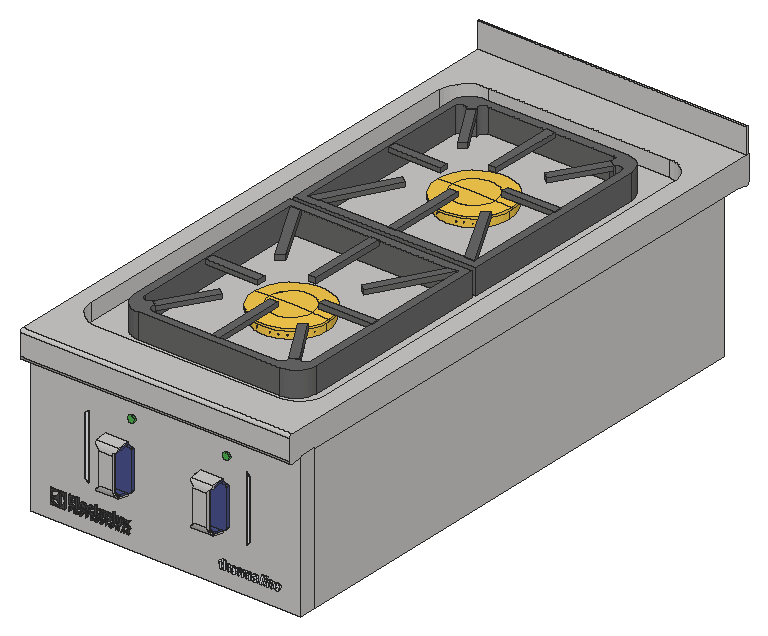
Revit family "QF_ELECTROLUXPROFESSIONAL_588523_MBGCBBDOPO", category Attrezzature speciali, Revit 2020
Family settings
  Quota connettore circolare = Usa diametro
  Tipo di parte = Normale
  Basato su piano di lavoro = No
  Sempre verticale = Sì
  Taglio con vuoti quando caricato = No
  Condiviso = No
  Punto di calcolo locali = No
Parameters (values of type "Standard")
  Weight = 38.00 kg
  Watts = 0 W
  Volts = 0 V
  URL Manufacturer = "https://www.electroluxprofessional.com/"
  URL = "https://www.electroluxprofessional.com/"
  Steam Supply Size = 0"
  Steam Supply Minimum Pressure = 0.00 psi
  Steam Supply Maximum Pressure = 0.00 psi
  Steam Consumption per Hour = 0
  Refrigeration Suction Line Size = 0 mm
  Refrigeration Liquid Line Size = 0 mm
  Refrigerant Compressor Remote = yes
  Prospetto di default = 0 mm
  Phase = 0
  Modello = "MBGCBBDOPO"
  Produttore = "Electrolux Professional"
  Length Actual = 400 mm  # constant formula
  Item Number = "588523"
  Hot Water Size = 0"
  Height Actual = 250 mm  # constant formula
  HP = "0 HP"
  Gas Size = 1/2"
  Gas KW = 14
  Gas Input Pressure = 0.469158 Btu/h
  Direct Waste Size = 0"
  Descrizione = "GAS TOP,2BURN,1S,BS,400X850X250H"
  Depth Actual = 850 mm  # constant formula
  Cycle = 0 Hz
  Condensate Return Size = 0"
  Compressed Air Volume = 0 GPM
  Compressed Air Size = 0"
  Compressed Air Pressure = 0.00 psi
  Cold Water Size = 0"
  Accessory = yes
Reference planes
  plane 1 "BACK": y = 0
  plane 2: z = 0
  plane 3 "LEFT": x = 0
  plane 4 "RIGHT": x = 400
  plane 5 "FRONT": y = -850
  plane 6 "TOP": z = 900
  plane 7 "Center (Left/Right)": x = 200
  plane 8: y = -425
  plane 9: y = -150
  plane 10: y = -65
  plane 11: y = -790
  plane 12 "GasY": y = -540
  plane 13: z = 938
  plane 14 "BaseTop": z = 650
  plane 15: y = -805
  plane 16 "Camino": y = -50
  plane 17: x = 364
  plane 18: z = 1131
Forms (mm)
  Extrusion 1, solid, material "QF_Finishes_Stainless Steel"
    sketch origin (-178.969, -4572, 100) x (-1, 0, 0) y (0, -1, 0)
      loop
        line (-178.969, -4527) -> (-178.969, -3767) -> (-578.969, -3767) -> (-578.969, -4527) -> (-178.969, -4527)
    from 550 to 762.969
  Extrusion 2, solid, material "QF_Finishes_Stainless Steel"
    sketch origin (200, 296.4, 1219.2) x (0, 1, 0) y (0, 0, 1)
      loop
        line (-296.4, -319.2) -> (-1141.4, -319.2)
        arc (-1141.4, -319.2) -> (-1144.935, -320.664) -> (-1146.4, -324.2) r 5
        line (-1146.4, -324.2) -> (-1146.4, -355.2)
        arc (-1146.4, -355.2) -> (-1144.971, -358.264) -> (-1141.705, -359.139) r 4
        line (-1141.705, -359.139) -> (-1126.4, -356.231) -> (-316.4, -356.231) -> (-301.094, -359.139)
        arc (-301.094, -359.139) -> (-297.829, -358.264) -> (-296.4, -355.2) r 4
        line (-296.4, -355.2) -> (-296.4, -319.2)
    from -200 to 200
  Extrusion 3, void
    sketch origin (0, 0, 900) x (-1, 0, 0) y (0, -1, 0)
      loop
        arc (-65.29, 65) -> (-37.006, 76.716) -> (-25.29, 105) r 40
        line (-25.29, 105) -> (-25.29, 750)
        arc (-25.29, 750) -> (-37.006, 778.284) -> (-65.29, 790) r 40
        line (-65.29, 790) -> (-334.029, 790)
        arc (-334.029, 790) -> (-362.314, 778.284) -> (-374.029, 750) r 40
        line (-374.029, 750) -> (-374.029, 105)
        arc (-374.029, 105) -> (-362.314, 76.716) -> (-334.029, 65) r 40
        line (-334.029, 65) -> (-65.29, 65)
    from 0 to -25
  Extrusion 4, solid, material "QF_Finishes_Stainless Steel"
    sketch origin (200, 296.4, 1219.2) x (0, 1, 0) y (0, 0, 1)
      loop
        line (-296.4, -319.2) -> (-296.4, -281.2) -> (-298.4, -281.2) -> (-298.4, -319.2) -> (-296.4, -319.2)
    from 200 to -200
  Extrusion 5, solid, material "QF_Finishes_Stainless Steel"
    sketch origin (0, 0, 650) x (-1, 0, 0) y (0, -1, 0)
      loop
        circle (-364, 540) r 10.1
    from 0 to -10
Cuts and joins
  Extrusion 3 cuts Extrusion 2
Lines and regions (mm)
  symbolic lines
    curve 1: line (0, 0, 100) -> (400, 0, 100)
    curve 2: line (0, -850, 100) -> (0, 0, 100)
    curve 3: line (400, -850, 100) -> (0, -850, 100)
    curve 4: line (400, 0, 100) -> (400, -850, 100)
    curve 5: line (0, -2, 0) -> (400, -2, 0)
    curve 6: line (334.029, -65, 0) -> (65.29, -65, 0)
    curve 7: arc (65.29, -65, 0) -> (37.006, -76.716, 0) -> (25.29, -105, 0) r 40
    curve 8: arc (374.029, -105, 0) -> (362.314, -76.716, 0) -> (334.029, -65, 0) r 40
    curve 9: line (374.029, -750, 0) -> (374.029, -105, 0)
    curve 10: arc (334.029, -790, 0) -> (362.314, -778.284, 0) -> (374.029, -750, 0) r 40
    curve 11: line (65.29, -790, 0) -> (334.029, -790, 0)
    curve 12: arc (25.29, -750, 0) -> (37.006, -778.284, 0) -> (65.29, -790, 0) r 40
    curve 13: line (25.29, -105, 0) -> (25.29, -750, 0)
Dimensions and locks
  plane 3 "LEFT" to plane 4 "RIGHT" = 400 mm
  locked: plane 5 "FRONT" to plane 1 "BACK" at 850
  plane 3 "LEFT" to plane 7 "Center (Left/Right)" to plane 4 "RIGHT" = 200 mm, 200 mm
  equal spacing: plane 5 "FRONT", plane 8, plane 1 "BACK"
  plane 6 "TOP" to level = 900 mm  (x2)
  plane 1 "BACK" to plane 9 = 150 mm
  plane 12 "GasY" to plane 1 "BACK" = 540 mm
  plane 13 to plane 6 "TOP" = 38 mm
  plane 10 to plane 1 "BACK" = 65 mm
  plane 5 "FRONT" to plane 11 = 60 mm
  locked: plane 6 "TOP" to plane 14 "BaseTop" at 250
  locked: plane 15 to plane 5 "FRONT" at 45
  plane 16 "Camino" to plane 1 "BACK" = 50 mm
  plane 17 to plane 4 "RIGHT" = 36 mm
  plane 18 to plane 6 "TOP" = 231 mm
  aligned and locked: level to plane 2
  aligned and locked: cut or joined group of Extrusion 2, Extrusion 3 to plane 3 "LEFT"
  aligned and locked: cut or joined group of Extrusion 2, Extrusion 3 to plane 4 "RIGHT"
  aligned and locked: nested 1 to plane 15
  aligned and locked: Extrusion 1 to plane 15
  aligned and locked: Extrusion 4 to plane 3 "LEFT"
  aligned and locked: Extrusion 4 to plane 4 "RIGHT"
  aligned and locked: plane 3 "LEFT" to nested 1
Automatic sketch dimensions
  curve 5 to plane 3 "LEFT" = 0 mm
  curve 5 to plane 4 "RIGHT" = 0 mm
  plane 1 "BACK" to curve 5 = 2 mm
  Extrusion 1 sketch curve to plane 4 "RIGHT" = 0 mm
  Extrusion 1 sketch curve to plane 3 "LEFT" = 0 mm
  Extrusion 1 sketch curve to plane 15 = 0 mm
  Extrusion 1 sketch curve to plane 16 "Camino" = 5 mm
  plane 1 "BACK" to curve 1 = 0 mm
  curve 1 to plane 4 "RIGHT" = 0 mm
  curve 3 to plane 3 "LEFT" = 0 mm
  plane 5 "FRONT" to curve 3 = 0 mm
  Extrusion 2 sketch curve to plane 5 "FRONT" = 0 mm
  Extrusion 2 sketch curve to plane 6 "TOP" = 0 mm
  Extrusion 2 sketch curve to plane 1 "BACK" = 0 mm
  Extrusion 2 sketch curve to Extrusion 2 sketch curve = 4 mm
  Extrusion 2 sketch curve to Extrusion 2 sketch curve = 0.695 mm
  Extrusion 2 sketch curve to plane 5 "FRONT" = 5 mm
  Extrusion 2 sketch curve to Extrusion 2 sketch curve = 15.305 mm
  plane 1 "BACK" to Extrusion 2 sketch curve = 20 mm
  plane 1 "BACK" to Extrusion 2 sketch curve = 4.695 mm
  plane 1 "BACK" to Extrusion 2 sketch curve = 4 mm
  Extrusion 2 sketch curve to Extrusion 2 sketch curve = 31 mm
  Extrusion 2 sketch curve to Extrusion 2 sketch curve = 36 mm
  Extrusion 2 sketch curve to Extrusion 2 sketch curve = 2.909 mm
  Extrusion 4 sketch curve to plane 6 "TOP" = 0 mm
  Extrusion 4 sketch curve to plane 13 = 0 mm
  Extrusion 4 sketch curve to plane 1 "BACK" = 0 mm
  Extrusion 4 sketch curve to Extrusion 4 sketch curve = 2 mm
  Extrusion 5 sketch curve to plane 12 "GasY" = 0 mm
  Extrusion 5 sketch curve to plane 17 = 0 mm
  plane 10 to curve 6 = 0 mm
  plane 7 "Center (Left/Right)" to curve 6 = 134.029 mm
  curve 7 to curve 6 = 40 mm
  curve 8 to curve 6 = 40 mm
  curve 9 to plane 11 = 40 mm
  plane 11 to curve 10 = 0 mm
  plane 3 "LEFT" to curve 13 = 25.29 mm
  curve 12 to plane 11 = 40 mm
  plane 11 to Extrusion 3 sketch curve = 0 mm
  plane 10 to Extrusion 3 sketch curve = 0 mm
  plane 17 to Extrusion 3 sketch curve = 10.029 mm
  Extrusion 3 sketch curve to plane 17 = 29.971 mm  (x2)
  plane 3 "LEFT" to Extrusion 3 sketch curve = 65.29 mm  (x2)
  plane 10 to Extrusion 3 sketch curve = 40 mm
  radius of Extrusion 5 sketch curve = 10.1 mm
Nested families
  nested 1: "Front_Panel_W400_2 Knobs_Spie" at (52.376, -805, 0), type "Front_Panel_W400_2 Knobs_Spie"
  nested 2: "Therma_One_Burner_Long" at (198.607, -260.258, 875), type "Therma_One_Burner_Long"
  nested 3: "Therma_One_Burner_Long" at (198.607, -593.742, 875), type "Therma_One_Burner_Long"
Connectors
  piping at (364, -540, 650), diameter 12.7, driven by "Gas Size"
    settings: on Extrusion 5, index 1, connector inside diameter 24", connector length 0 mm, flow factor 0, pipe flow 0 GPM, pressure drop 0.00 psi, fitting loss kfactor 0, connector angle 0.00°, fixture units 0, engagement length 0 mm, angle of deflection 0.00°, flow configuration 1, flow direction 1, fitting loss method 0, system type 7, joint type 0, gender type 0, connector reference index -1, connector utility 0, adjustable connector no, is connector primary yes, connector description "Gas Connection"
Definition of nested family "Front_Panel_W400_2 Knobs_Spie"
  Parameters
    Default Elevation = 0 mm
  Reference planes
    plane 1 "Center (Front/Back)": y = 0
    plane 2: z = 0
    plane 3 "Center (Left/Right)": x = 147.624
    plane 4 "Left": x = -52.376
    plane 5 "Right": x = 347.624
    plane 6: y = -45
    plane 7 "Panel": y = -25
  Forms (mm)
    Extrusion 1, solid
      sketch origin (833.217, 829.203, -1.25) x (0, 1, 0) y (0, 0, 1)
        loop
          line (-854.203, 651.25) -> (-829.203, 651.25) -> (-829.203, 864.25) -> (-854.203, 864.25) -> (-854.203, 651.25)
      from -885.593 to -485.593
    Extrusion 2, void
      sketch origin (0, -25, -10) x (0, 0, 1) y (-1, 0, 0)
        loop
          line (731.866, -27.624) -> (726.866, -32.624) -> (823.866, -32.624) -> (818.866, -27.624) -> (731.866, -27.624)
        loop
          line (731.866, -272.624) -> (818.866, -272.624) -> (823.866, -267.624) -> (726.866, -267.624) -> (731.866, -272.624)
      from 0 to -2
    Extrusion 3, solid
      sketch origin (110, -25, 1.163) x (0, 0, 1) y (-1, 0, 0)
        loop
          circle (824.337, 12.376) r 5
      from 0 to 1.7
    Extrusion 4, solid
      sketch origin (0, -25, -10) x (0, 0, 1) y (-1, 0, 0)
        loop
          line (731.866, -27.624) -> (726.866, -32.624) -> (823.866, -32.624) -> (818.866, -27.624) -> (731.866, -27.624)
        loop
          line (726.866, -267.624) -> (731.866, -272.624) -> (818.866, -272.624) -> (823.866, -267.624) -> (726.866, -267.624)
      from 0 to -2
    Extrusion 5, solid
      sketch origin (250.724, -25, 1.163) x (0, 0, 1) y (-1, 0, 0)
        loop
          circle (824.337, 12.376) r 5
      from 0 to 1.7
  Cuts and joins
    Extrusion 2 cuts Extrusion 1
  Dimensions and locks
    equal spacing: plane 5 "Right", plane 3 "Center (Left/Right)", plane 4 "Left"
    plane 5 "Right" to plane 4 "Left" = 400 mm
    aligned and locked: cut or joined group of Extrusion 1, Extrusion 2 to plane 4 "Left"
    aligned and locked: plane 5 "Right" to cut or joined group of Extrusion 1, Extrusion 2
  Automatic sketch dimensions
    Extrusion 1 sketch curve to plane 7 "Panel" = 0 mm
    Extrusion 1 sketch curve to plane 1 "Center (Front/Back)" = 0 mm
    Extrusion 2 sketch curve to Extrusion 2 sketch curve = 5 mm  (x6)
    Extrusion 2 sketch curve to plane 5 "Right" = 75 mm
    plane 4 "Left" to Extrusion 2 sketch curve = 85 mm
    Extrusion 3 sketch curve to plane 3 "Center (Left/Right)" = 50 mm
    Extrusion 4 sketch curve to Extrusion 4 sketch curve = 5 mm  (x6)
    Extrusion 4 sketch curve to plane 5 "Right" = 75 mm
    plane 4 "Left" to Extrusion 4 sketch curve = 85 mm
    plane 3 "Center (Left/Right)" to Extrusion 5 sketch curve = 90.724 mm
    level to Extrusion 1 sketch curve = 650 mm
    Extrusion 1 sketch curve to Extrusion 1 sketch curve = 213 mm
    level to Extrusion 2 sketch curve = 716.866 mm
    Extrusion 2 sketch curve to Extrusion 2 sketch curve = 0 mm
    Extrusion 2 sketch curve to Extrusion 2 sketch curve = 87 mm  (x2)
    level to Extrusion 3 sketch curve = 825.5 mm
    level to Extrusion 4 sketch curve = 716.866 mm
    Extrusion 4 sketch curve to Extrusion 4 sketch curve = 0 mm
    Extrusion 4 sketch curve to Extrusion 4 sketch curve = 87 mm  (x2)
    level to Extrusion 5 sketch curve = 825.5 mm
    radius of Extrusion 3 sketch curve = 5 mm
    radius of Extrusion 5 sketch curve = 5 mm
  Nested families
    nested 1: "Range Control Handle" at (77.624, -28.137, -209.113) x (-1, 0, 0) z (0, 0, 1), type "Range Control Handle"
    nested 2: "Range Control Handle" at (217.624, -28.137, -209.113), type "Range Control Handle"
    nested 3: "ELX_ThermaLine_Small" at (269.008, -25, 679.413) x (1, 0, 0) z (0, -1, 0), type "ELX_ThermaLine_Small"
      with Show Logo yes, Material_Logo none
    nested 4: "ELX_Professional_Logo_Small" at (37.088, -25, 681.646) x (1, 0, 0) z (0, -1, 0), type "ELX_Professional_Logo_Small"
      with Show Logo yes, Material_Logo none
  Definition of nested family "Range Control Handle"
    Parameters
      Default Elevation = 0 mm
    Reference planes
      plane 1 "Center (Front/Back)": y = 0
      plane 2: z = 0
      plane 3 "Center (Left/Right)": x = 0
      plane 4: z = 971.092
      plane 5: y = -16.9
    Forms (mm)
      Extrusion 1, solid
        sketch origin (-746.28, 380.497, 208.931) x (-1, 0, 0) y (0, 0, 1)
          loop
            line (-770.101, 786.798) -> (-770.101, 731.649)
            arc (-770.101, 731.649) -> (-769.759, 730.563) -> (-768.855, 729.87) r 1.893
            line (-768.855, 729.87) -> (-763.474, 727.911) -> (-729.81, 727.911) -> (-724.428, 729.87)
            arc (-724.428, 729.87) -> (-723.525, 730.563) -> (-723.183, 731.649) r 1.893
            line (-723.183, 731.649) -> (-723.183, 786.798)
            arc (-723.183, 786.798) -> (-723.529, 787.894) -> (-724.44, 788.593) r 1.91
            line (-724.44, 788.593) -> (-729.683, 790.819) -> (-763.601, 790.819) -> (-768.844, 788.593)
            arc (-768.844, 788.593) -> (-769.755, 787.894) -> (-770.101, 786.798) r 1.91
        from -382.35 to -378.852
      Sweep 2, solid
        path origin (-746.788, 380.496, 208.091) x (0, -1, 0) y (0, 0, 1)
          loop
            line (379.775, 793.281) -> (395.661, 791.048)
            arc (395.661, 791.048) -> (397.781, 787.377) -> (398.517, 783.202) r 12.207
            line (398.517, 783.202) -> (398.517, 737.368)
            arc (398.517, 737.368) -> (397.781, 733.193) -> (395.661, 729.522) r 12.207
            line (395.661, 729.522) -> (379.775, 727.289)
        profile origin (-746.788, -7.222, 1000.256) x (0, -0.139173, 0.990268) y (-1, 0, 0)
          loop
            line (0.782, -763.123) -> (0.782, -730.907) -> (-1.322, -730.907) -> (-1.322, -763.123) -> (0.782, -763.123)
      Sweep 3, solid
        path origin (-746.788, 380.715, 207.832) x (0, -1, 0) y (0, 0, 1)
          loop
            line (380.478, 795.442) -> (397.218, 793.09)
            arc (397.218, 793.09) -> (399.929, 788.473) -> (400.871, 783.202) r 15.207
            line (400.871, 783.202) -> (400.871, 737.584)
            arc (400.871, 737.584) -> (399.914, 732.274) -> (397.164, 727.633) r 15.207
            line (397.164, 727.633) -> (380.601, 725.305)
        profile origin (-746.788, -8.132, 1002.099) x (0, -0.139173, 0.990268) y (-1, 0, 0)
          loop
            line (0.782, -763.123) -> (0.782, -730.907) -> (-1.322, -730.907) -> (-1.322, -763.123) -> (0.782, -763.123)
      Extrusion 4, void
        sketch origin (889.253, 220.666, 207.993) x (1, 0, 0) y (0, 0, 1)
          loop
            line (-943.038, 816.854) -> (-943.038, 703.686) -> (-899.466, 734.196) -> (-899.466, 786.344) -> (-943.038, 816.854)
        from 230.636 to 242.25
      Extrusion 5, void
        sketch origin (-888.8, 220.666, 207.993) x (-1, 0, 0) y (0, 0, -1)
          loop
            line (-943.038, -816.854) -> (-899.466, -786.344) -> (-899.466, -734.196) -> (-943.038, -703.686) -> (-943.038, -816.854)
        from 230.636 to 242.25
      Extrusion 6, solid
        sketch origin (0, 0, 0) x (1, 0, 0) y (0, 0, 1)
          loop
            circle (0, 971.092) r 7.736
        from -3.137 to -1.645
    Cuts and joins
      Extrusion 4, Extrusion 5 cuts Sweep 3
      Extrusion 4, Extrusion 5 cuts Sweep 2
      joined: Extrusion 1, Extrusion 6
    Lines and regions (mm)
      symbolic lines
        curve 1: line (16.334, -16.9, 0) -> (16.334, -19.227, 0)
        curve 2: spline (16.334, -19.227, 0) -> (15.87, -19.385, 0) -> (15.404, -19.536, 0) -> (14.936, -19.678, 0) -> (14.466, -19.813, 0) -> (13.995, -19.94, 0) -> (13.523, -20.059, 0) -> (13.049, -20.171, 0) -> (12.575, -20.274, 0) -> (12.099, -20.37, 0) -> (11.622, -20.458, 0) -> (11.144, -20.537, 0) -> (10.666, -20.609, 0)
        curve 3: line (10.666, -16.9, 0) -> (10.666, -20.938, 0)
        curve 4: line (-10.213, -20.938, 0) -> (10.666, -20.938, 0)
        curve 5: line (-10.213, -20.938, 0) -> (-10.213, -16.9, 0)
        curve 6: spline (-10.213, -20.609, 0) -> (-10.691, -20.537, 0) -> (-11.169, -20.458, 0) -> (-11.646, -20.37, 0) -> (-12.122, -20.274, 0) -> (-12.597, -20.171, 0) -> (-13.07, -20.059, 0) -> (-13.542, -19.94, 0) -> (-14.013, -19.813, 0) -> (-14.483, -19.678, 0) -> (-14.951, -19.536, 0) -> (-15.417, -19.385, 0) -> (-15.881, -19.227, 0)
        curve 7: line (-15.881, -19.227, 0) -> (-15.881, -16.9, 0)
  Definition of nested family "ELX_ThermaLine_Small"
    Parameters
      Show Logo [instance] = yes
      Material_Logo [instance] = none
      Default Elevation = 0 mm
    Reference planes
      plane 1 "Centro (Fronte/Retro)": y = 0
      plane 2: z = 0
      plane 3 "Centro (Sinistra/Destra)": x = 0
    Forms (mm)
      Extrusion 1, solid
        sketch origin (0, 0, 0) x (1, 0, 0) y (0, 1, 0)
          loop
            line (-1219.2, 1219.2) -> (-1219.2, -1219.2) -> (1219.2, -1219.2) -> (1219.2, 1219.2) -> (-1219.2, 1219.2)
        from 0 to -304.8
      Extrusion 2, solid
        sketch origin (0, 0, 0) x (1, 0, 0) y (0, 1, 0)
          loop
            line (-37.494, 1.229) -> (-35.908, 1.229) -> (-35.908, 3.066) -> (-37.494, 3.066) -> (-37.494, 6.221) -> (-39.867, 4.881) -> (-39.867, 3.066) -> (-40.969, 3.066) -> (-40.969, 1.229) -> (-39.867, 1.229) -> (-39.867, -3.407)
            arc (-39.867, -3.407) -> (-38.982, -5.513) -> (-36.751, -6.001) r 2.478
            line (-36.751, -6.001) -> (-35.638, -5.7) -> (-35.9, -3.835) -> (-36.661, -4.039)
            arc (-36.661, -4.039) -> (-37.236, -3.924) -> (-37.494, -3.399) r 0.662
            line (-37.494, -3.399) -> (-37.494, 1.229)
          loop
            line (-34.242, 6.539) -> (-34.242, -5.848) -> (-31.854, -5.848) -> (-31.854, -0.078)
            arc (-31.854, -0.078) -> (-30.939, 1.249) -> (-29.33, 1.367) r 1.866
            arc (-29.33, 1.367) -> (-28.695, 0.768) -> (-28.461, -0.073) r 1.627
            line (-28.461, -0.073) -> (-28.461, -5.848) -> (-26.086, -5.848) -> (-26.064, -0.46)
            arc (-26.064, -0.46) -> (-26.261, 0.932) -> (-26.786, 2.237) r 5.825
            arc (-26.786, 2.237) -> (-29.381, 3.264) -> (-31.854, 1.971) r 3.353
            line (-31.854, 1.971) -> (-31.854, 6.539) -> (-34.242, 6.539)
          loop
            arc (-18.398, -0.598) -> (-18.893, 0.879) -> (-20.326, 1.487) r 1.897
            arc (-20.326, 1.487) -> (-21.461, 0.708) -> (-21.897, -0.598) r 2.164
            line (-21.897, -0.598) -> (-18.398, -0.598)
          loop
            arc (-16.021, -2.044) -> (-16.754, 1.227) -> (-19.444, 3.226) r 4.814
            arc (-19.444, 3.226) -> (-22.137, 2.788) -> (-23.943, 0.743) r 4.054
            arc (-23.943, 0.743) -> (-24.382, -1.249) -> (-24.162, -3.276) r 6.289
            arc (-24.162, -3.276) -> (-23.302, -4.71) -> (-21.958, -5.705) r 4.28
            arc (-21.958, -5.705) -> (-18.558, -5.814) -> (-16.152, -3.409) r 4.28
            line (-16.152, -3.409) -> (-18.5, -2.995)
            arc (-18.5, -2.995) -> (-19.273, -3.994) -> (-20.533, -4.076) r 1.536
            arc (-20.533, -4.076) -> (-21.56, -3.281) -> (-21.958, -2.044) r 2.197
            line (-21.958, -2.044) -> (-16.021, -2.044)
          loop
            line (-14.165, -5.848) -> (-11.819, -5.848) -> (-11.819, -2.138)
            arc (-11.819, -2.138) -> (-11.787, -1.156) -> (-11.637, -0.185) r 8.18
            arc (-11.637, -0.185) -> (-10.644, 0.972) -> (-9.132, 0.776) r 1.603
            line (-9.132, 0.776) -> (-8.419, 2.846)
            arc (-8.419, 2.846) -> (-10.432, 3.118) -> (-11.994, 1.821) r 2.527
            line (-11.994, 1.821) -> (-11.994, 3.094) -> (-14.165, 3.094) -> (-14.165, -5.848)
          loop
            line (-7.579, 3.094) -> (-7.579, -5.848) -> (-5.178, -5.848) -> (-5.178, -0.756)
            arc (-5.178, -0.756) -> (-4.727, 0.679) -> (-3.417, 1.419) r 2.05
            arc (-3.417, 1.419) -> (-2.499, 0.908) -> (-2.155, -0.085) r 1.471
            line (-2.155, -0.085) -> (-2.155, -5.848) -> (0.23, -5.848) -> (0.23, -1.001)
            arc (0.23, -1.001) -> (0.47, 0.127) -> (1.148, 1.061) r 2.775
            arc (1.148, 1.061) -> (2.225, 1.329) -> (3.05, 0.587) r 1.182
            arc (3.05, 0.587) -> (3.199, -0.019) -> (3.214, -0.642) r 2.894
            line (3.214, -0.642) -> (3.214, -5.848) -> (5.601, -5.848) -> (5.601, 0.261)
            arc (5.601, 0.261) -> (4.87, 2.263) -> (2.976, 3.241) r 2.932
            arc (2.976, 3.241) -> (1.284, 2.973) -> (-0.047, 1.896) r 3.309
            arc (-0.047, 1.896) -> (-1.116, 2.865) -> (-2.506, 3.258) r 3.16
            arc (-2.506, 3.258) -> (-4.105, 2.942) -> (-5.376, 1.92) r 3.419
            line (-5.376, 1.92) -> (-5.376, 3.094) -> (-7.579, 3.094)
          loop
            line (7.583, 0.738) -> (9.702, 0.364)
            arc (9.702, 0.364) -> (11.441, 1.492) -> (12.855, -0.023) r 1.613
            line (12.855, -0.023) -> (9.782, -0.789)
            arc (9.782, -0.789) -> (8.559, -1.346) -> (7.617, -2.305) r 3.687
            arc (7.617, -2.305) -> (7.499, -3.681) -> (7.901, -5.003) r 3.651
            arc (7.901, -5.003) -> (9.107, -5.766) -> (10.515, -6.006) r 3.635
            arc (10.515, -6.006) -> (11.898, -5.697) -> (13.067, -4.895) r 3.734
            line (13.067, -4.895) -> (13.376, -5.848) -> (15.75, -5.848) -> (15.212, -4.193) -> (15.212, 0.38)
            arc (15.212, 0.38) -> (14.897, 1.849) -> (13.818, 2.895) r 2.585
            arc (13.818, 2.895) -> (11.792, 3.442) -> (9.719, 3.11) r 5.005
            arc (9.719, 3.11) -> (8.369, 2.178) -> (7.583, 0.738) r 3.54
          loop
            line (19.723, -5.848) -> (22.233, -5.848) -> (24.854, 6.484) -> (22.345, 6.484) -> (19.723, -5.848)
          loop
            line (24.583, -5.848) -> (26.953, -5.848) -> (28.848, 3.066) -> (26.478, 3.066) -> (24.583, -5.848)
          loop
            line (27.204, 6.484) -> (26.741, 4.305) -> (29.111, 4.305) -> (29.575, 6.484) -> (27.204, 6.484)
          loop
            line (29.355, -5.848) -> (31.849, -5.848) -> (33.098, 0.028)
            arc (33.098, 0.028) -> (34.169, 1.306) -> (35.832, 1.422) r 2.132
            arc (35.832, 1.422) -> (36.324, 0.752) -> (36.383, -0.078) r 1.5
            line (36.383, -0.078) -> (35.157, -5.848) -> (37.536, -5.848) -> (38.936, 0.738)
            arc (38.936, 0.738) -> (38.775, 2.091) -> (37.825, 3.066) r 2.118
            arc (37.825, 3.066) -> (35.392, 3.175) -> (33.295, 1.937) r 4.271
            line (33.295, 1.937) -> (33.535, 3.066) -> (31.25, 3.066) -> (29.355, -5.848)
          loop
            line (42.792, -0.64) -> (46.589, -0.64)
            arc (46.589, -0.64) -> (46.639, 0.124) -> (46.327, 0.823) r 1.589
            arc (46.327, 0.823) -> (45.117, 1.521) -> (43.762, 1.183) r 1.865
            arc (43.762, 1.183) -> (43.141, 0.344) -> (42.792, -0.64) r 3.538
          loop
            line (42.565, -2.138) -> (48.593, -2.138)
            arc (48.593, -2.138) -> (48.58, 0.597) -> (46.983, 2.818) r 4.494
            arc (46.983, 2.818) -> (44.191, 3.28) -> (41.725, 1.891) r 4.26
            arc (41.725, 1.891) -> (40.503, -0.3) -> (40.284, -2.799) r 6.003
            arc (40.284, -2.799) -> (40.959, -4.468) -> (42.377, -5.576) r 3.482
            arc (42.377, -5.576) -> (44.265, -5.961) -> (46.152, -5.576) r 4.823
            arc (46.152, -5.576) -> (47.432, -4.731) -> (48.328, -3.485) r 4.245
            line (48.328, -3.485) -> (46.168, -3.105)
            arc (46.168, -3.105) -> (45.214, -4.072) -> (43.859, -4.181) r 1.953
            arc (43.859, -4.181) -> (42.821, -3.408) -> (42.565, -2.138) r 1.81
          loop
            line (12.868, -1.553) -> (10.216, -2.214)
            arc (10.216, -2.214) -> (9.747, -3.136) -> (10.216, -4.058) r 1.14
            arc (10.216, -4.058) -> (11.537, -4.249) -> (12.614, -3.46) r 1.763
            arc (12.614, -3.46) -> (12.858, -2.522) -> (12.868, -1.553) r 3.97
        from 0 to 1.6
    Dimensions and locks
      aligned and locked: plane 2 to Extrusion 1
      aligned and locked: level to Extrusion 1
  Definition of nested family "ELX_Professional_Logo_Small"
    Parameters
      Show Logo [instance] = yes
      Material_Logo [instance] = none
      Default Elevation = 0 mm
    Reference planes
      plane 1 "Centro (Fronte/Retro)": y = 0
      plane 2: z = 0
      plane 3 "Centro (Sinistra/Destra)": x = 0
    Forms (mm)
      Extrusion 1, solid
        sketch origin (0, 0, 0) x (1, 0, 0) y (0, 1, 0)
          loop
            line (-1219.2, 1219.2) -> (-1219.2, -1219.2) -> (1219.2, -1219.2) -> (1219.2, 1219.2) -> (-1219.2, 1219.2)
        from 0 to -304.8
      Extrusion 2, solid, material <- "Material_Logo"
        sketch origin (15.5, 0, 0) x (1, 0, 0) y (0, 1, 0)
          loop
            spline (-42.99, -1.24) -> (-43.195, -1.231) -> (-43.415, -1.203) -> (-43.642, -1.152) -> (-43.87, -1.074) -> (-44.095, -0.966) -> (-44.309, -0.825) -> (-44.506, -0.647) -> (-44.681, -0.429) -> (-44.828, -0.167) -> (-44.94, 0.142) -> (-45.011, 0.501) -> (-45.037, 0.915)
            line (-45.037, 0.915) -> (-45.037, 2.748) -> (-38.984, 2.748) -> (-38.984, 5.086) -> (-45.038, 5.086) -> (-45.038, 8.489) -> (-38.599, 8.489) -> (-38.599, 10.82) -> (-47.515, 10.82) -> (-47.515, 1.021)
            spline (-47.515, 1.021) -> (-47.493, 0.418) -> (-47.425, -0.15) -> (-47.311, -0.682) -> (-47.15, -1.175) -> (-46.939, -1.628) -> (-46.678, -2.038) -> (-46.365, -2.404) -> (-46, -2.723) -> (-45.58, -2.995) -> (-45.105, -3.216) -> (-44.573, -3.385) -> (-43.983, -3.499)
            line (-43.983, -3.499) -> (-43.01, -3.569) -> (-38.426, -3.569) -> (-38.426, -1.24) -> (-42.99, -1.24)
          loop
            line (-36.666, 4.021) -> (-36.666, -3.573) -> (-34.188, -3.573) -> (-34.188, 10.824) -> (-36.666, 10.824) -> (-36.666, 4.021)
          loop
            spline (-21.915, 1.897) -> (-21.957, 2.615) -> (-22.082, 3.303) -> (-22.285, 3.955) -> (-22.563, 4.564) -> (-22.913, 5.124) -> (-23.331, 5.629) -> (-23.814, 6.074) -> (-24.359, 6.451) -> (-24.961, 6.755) -> (-25.618, 6.98) -> (-26.326, 7.119) -> (-27.081, 7.167)
            spline (-27.081, 7.167) -> (-27.853, 7.122) -> (-28.586, 6.99) -> (-29.275, 6.774) -> (-29.915, 6.478) -> (-30.5, 6.104) -> (-31.024, 5.657) -> (-31.483, 5.138) -> (-31.871, 4.553) -> (-32.182, 3.904) -> (-32.411, 3.194) -> (-32.552, 2.427) -> (-32.6, 1.606)
            spline (-32.6, 1.606) -> (-32.553, 0.805) -> (-32.416, 0.057) -> (-32.193, -0.637) -> (-31.887, -1.271) -> (-31.504, -1.843) -> (-31.048, -2.35) -> (-30.523, -2.788) -> (-29.934, -3.154) -> (-29.284, -3.444) -> (-28.579, -3.656) -> (-27.822, -3.785) -> (-27.019, -3.829)
            spline (-27.019, -3.829) -> (-26.627, -3.82) -> (-26.239, -3.79) -> (-25.856, -3.739) -> (-25.477, -3.663) -> (-25.103, -3.562) -> (-24.734, -3.432) -> (-24.369, -3.273) -> (-24.01, -3.082) -> (-23.655, -2.858) -> (-23.305, -2.597) -> (-22.96, -2.299) -> (-22.621, -1.962)
            line (-22.621, -1.962) -> (-24.114, -0.509)
            spline (-24.114, -0.509) -> (-24.311, -0.699) -> (-24.509, -0.872) -> (-24.71, -1.03) -> (-24.915, -1.172) -> (-25.126, -1.297) -> (-25.346, -1.407) -> (-25.576, -1.5) -> (-25.817, -1.576) -> (-26.072, -1.636) -> (-26.342, -1.678) -> (-26.629, -1.704) -> (-26.936, -1.713)
            spline (-26.936, -1.713) -> (-27.384, -1.691) -> (-27.805, -1.625) -> (-28.196, -1.518) -> (-28.556, -1.372) -> (-28.882, -1.187) -> (-29.174, -0.966) -> (-29.429, -0.71) -> (-29.645, -0.422) -> (-29.821, -0.102) -> (-29.955, 0.247) -> (-30.045, 0.623) -> (-30.089, 1.026)
            line (-30.089, 1.026) -> (-21.956, 1.026) -> (-21.915, 1.897)
          loop
            spline (-24.446, 2.769) -> (-24.47, 3.075) -> (-24.54, 3.37) -> (-24.654, 3.65) -> (-24.807, 3.913) -> (-24.996, 4.156) -> (-25.219, 4.376) -> (-25.472, 4.57) -> (-25.753, 4.736) -> (-26.057, 4.869) -> (-26.382, 4.968) -> (-26.724, 5.03) -> (-27.081, 5.051)
            spline (-27.081, 5.051) -> (-27.464, 5.03) -> (-27.832, 4.97) -> (-28.183, 4.872) -> (-28.513, 4.74) -> (-28.819, 4.577) -> (-29.099, 4.384) -> (-29.347, 4.165) -> (-29.563, 3.923) -> (-29.742, 3.659) -> (-29.881, 3.377) -> (-29.977, 3.079) -> (-30.027, 2.769)
            line (-30.027, 2.769) -> (-24.446, 2.769)
          loop
            spline (-18.167, 1.669) -> (-18.138, 2.13) -> (-18.055, 2.567) -> (-17.921, 2.978) -> (-17.739, 3.358) -> (-17.512, 3.705) -> (-17.243, 4.016) -> (-16.937, 4.287) -> (-16.596, 4.517) -> (-16.223, 4.7) -> (-15.823, 4.835) -> (-15.398, 4.919) -> (-14.951, 4.947)
            spline (-14.951, 4.947) -> (-14.677, 4.938) -> (-14.414, 4.913) -> (-14.162, 4.871) -> (-13.921, 4.812) -> (-13.69, 4.738) -> (-13.467, 4.649) -> (-13.254, 4.544) -> (-13.048, 4.424) -> (-12.85, 4.291) -> (-12.659, 4.143) -> (-12.474, 3.981) -> (-12.295, 3.806)
            line (-12.295, 3.806) -> (-10.76, 5.403)
            spline (-10.76, 5.403) -> (-11.065, 5.709) -> (-11.38, 5.984) -> (-11.703, 6.228) -> (-12.035, 6.443) -> (-12.375, 6.63) -> (-12.723, 6.788) -> (-13.078, 6.92) -> (-13.44, 7.026) -> (-13.809, 7.107) -> (-14.184, 7.164) -> (-14.564, 7.198) -> (-14.951, 7.209)
            spline (-14.951, 7.209) -> (-15.725, 7.161) -> (-16.467, 7.02) -> (-17.169, 6.792) -> (-17.826, 6.482) -> (-18.43, 6.096) -> (-18.976, 5.637) -> (-19.455, 5.112) -> (-19.862, 4.525) -> (-20.19, 3.882) -> (-20.433, 3.189) -> (-20.584, 2.449) -> (-20.635, 1.669)
            spline (-20.635, 1.669) -> (-20.584, 0.889) -> (-20.433, 0.149) -> (-20.19, -0.545) -> (-19.862, -1.187) -> (-19.455, -1.774) -> (-18.976, -2.299) -> (-18.43, -2.758) -> (-17.826, -3.145) -> (-17.169, -3.454) -> (-16.467, -3.682) -> (-15.725, -3.823) -> (-14.951, -3.871)
            spline (-14.951, -3.871) -> (-14.564, -3.86) -> (-14.184, -3.826) -> (-13.809, -3.77) -> (-13.44, -3.689) -> (-13.078, -3.583) -> (-12.723, -3.451) -> (-12.375, -3.292) -> (-12.035, -3.105) -> (-11.703, -2.89) -> (-11.38, -2.646) -> (-11.065, -2.371) -> (-10.76, -2.066)
            line (-10.76, -2.066) -> (-12.295, -0.468)
            spline (-12.295, -0.468) -> (-12.474, -0.643) -> (-12.659, -0.805) -> (-12.85, -0.953) -> (-13.048, -1.087) -> (-13.254, -1.206) -> (-13.467, -1.311) -> (-13.69, -1.4) -> (-13.921, -1.475) -> (-14.162, -1.533) -> (-14.414, -1.575) -> (-14.677, -1.6) -> (-14.951, -1.609)
            spline (-14.951, -1.609) -> (-15.398, -1.581) -> (-15.823, -1.497) -> (-16.223, -1.362) -> (-16.596, -1.179) -> (-16.937, -0.95) -> (-17.243, -0.678) -> (-17.512, -0.367) -> (-17.739, -0.02) -> (-17.921, 0.36) -> (-18.055, 0.771) -> (-18.138, 1.208) -> (-18.167, 1.669)
          loop
            spline (-4.441, -1.243) -> (-4.659, -1.247) -> (-4.894, -1.23) -> (-5.137, -1.19) -> (-5.384, -1.121) -> (-5.628, -1.021) -> (-5.864, -0.884) -> (-6.084, -0.708) -> (-6.283, -0.488) -> (-6.454, -0.219) -> (-6.592, 0.101) -> (-6.69, 0.478) -> (-6.742, 0.914)
            line (-6.742, 0.914) -> (-6.742, 4.587) -> (-4.487, 4.587) -> (-4.487, 6.838) -> (-6.738, 6.838) -> (-6.738, 10.824) -> (-9.217, 10.824) -> (-9.217, 0.773)
            spline (-9.217, 0.773) -> (-9.164, 0.19) -> (-9.068, -0.358) -> (-8.928, -0.87) -> (-8.742, -1.343) -> (-8.511, -1.777) -> (-8.232, -2.168) -> (-7.904, -2.515) -> (-7.527, -2.816) -> (-7.098, -3.069) -> (-6.618, -3.273) -> (-6.084, -3.426) -> (-5.496, -3.525)
            line (-5.496, -3.525) -> (-4.45, -3.573) -> (-4.441, -1.243)
          loop
            spline (3.898, 6.983) -> (3.469, 7.009) -> (3.056, 7.001) -> (2.661, 6.961) -> (2.283, 6.888) -> (1.925, 6.785) -> (1.588, 6.652) -> (1.272, 6.49) -> (0.979, 6.301) -> (0.71, 6.085) -> (0.465, 5.844) -> (0.247, 5.578) -> (0.056, 5.289)
            line (0.056, 5.289) -> (0.056, 6.838) -> (-2.402, 6.838) -> (-2.402, -3.572) -> (0.056, -3.572) -> (0.056, 1.901)
            spline (0.056, 1.901) -> (0.079, 2.316) -> (0.145, 2.703) -> (0.254, 3.06) -> (0.404, 3.386) -> (0.592, 3.679) -> (0.818, 3.938) -> (1.08, 4.162) -> (1.375, 4.348) -> (1.703, 4.495) -> (2.062, 4.602) -> (2.45, 4.668) -> (2.865, 4.69)
            line (2.865, 4.69) -> (3.898, 4.586) -> (3.898, 6.983)
          loop
            spline (15.638, 1.633) -> (15.586, 2.396) -> (15.435, 3.124) -> (15.192, 3.81) -> (14.863, 4.449) -> (14.455, 5.034) -> (13.975, 5.56) -> (13.43, 6.021) -> (12.826, 6.411) -> (12.17, 6.724) -> (11.469, 6.955) -> (10.729, 7.098) -> (9.958, 7.147)
            spline (9.958, 7.147) -> (9.182, 7.098) -> (8.44, 6.955) -> (7.737, 6.724) -> (7.081, 6.411) -> (6.477, 6.021) -> (5.933, 5.56) -> (5.454, 5.034) -> (5.048, 4.449) -> (4.721, 3.81) -> (4.479, 3.124) -> (4.329, 2.396) -> (4.277, 1.633)
            spline (4.277, 1.633) -> (4.329, 0.869) -> (4.479, 0.141) -> (4.721, -0.544) -> (5.048, -1.183) -> (5.454, -1.768) -> (5.933, -2.294) -> (6.477, -2.755) -> (7.081, -3.145) -> (7.737, -3.459) -> (8.44, -3.69) -> (9.182, -3.833) -> (9.958, -3.882)
            spline (9.958, -3.882) -> (10.729, -3.833) -> (11.469, -3.69) -> (12.17, -3.459) -> (12.826, -3.145) -> (13.43, -2.755) -> (13.975, -2.294) -> (14.455, -1.768) -> (14.863, -1.183) -> (15.192, -0.544) -> (15.435, 0.141) -> (15.586, 0.869) -> (15.638, 1.633)
          loop
            spline (13.18, 1.633) -> (13.151, 2.083) -> (13.067, 2.513) -> (12.932, 2.918) -> (12.748, 3.296) -> (12.52, 3.642) -> (12.251, 3.954) -> (11.943, 4.227) -> (11.601, 4.459) -> (11.228, 4.645) -> (10.828, 4.782) -> (10.403, 4.867) -> (9.958, 4.896)
            spline (9.958, 4.896) -> (9.509, 4.867) -> (9.081, 4.782) -> (8.679, 4.645) -> (8.306, 4.459) -> (7.964, 4.227) -> (7.658, 3.954) -> (7.39, 3.642) -> (7.163, 3.296) -> (6.981, 2.918) -> (6.847, 2.513) -> (6.765, 2.083) -> (6.736, 1.633)
            spline (6.736, 1.633) -> (6.765, 1.182) -> (6.847, 0.753) -> (6.981, 0.347) -> (7.163, -0.031) -> (7.39, -0.377) -> (7.658, -0.689) -> (7.964, -0.962) -> (8.306, -1.193) -> (8.679, -1.38) -> (9.081, -1.517) -> (9.509, -1.602) -> (9.958, -1.631)
            spline (9.958, -1.631) -> (10.403, -1.602) -> (10.828, -1.517) -> (11.228, -1.38) -> (11.601, -1.193) -> (11.943, -0.962) -> (12.251, -0.689) -> (12.52, -0.377) -> (12.748, -0.031) -> (12.932, 0.347) -> (13.067, 0.753) -> (13.151, 1.182) -> (13.18, 1.633)
          loop
            line (17.162, 4.269) -> (17.162, -3.573) -> (19.642, -3.573) -> (19.642, 10.824) -> (17.162, 10.824) -> (17.162, 4.269)
          loop
            line (28.581, 6.838) -> (28.581, 0.786)
            spline (28.581, 0.786) -> (28.561, 0.393) -> (28.503, 0.038) -> (28.409, -0.279) -> (28.281, -0.559) -> (28.122, -0.802) -> (27.933, -1.011) -> (27.717, -1.185) -> (27.476, -1.325) -> (27.213, -1.433) -> (26.929, -1.509) -> (26.626, -1.554) -> (26.308, -1.569)
            spline (26.308, -1.569) -> (25.99, -1.554) -> (25.688, -1.509) -> (25.404, -1.434) -> (25.141, -1.326) -> (24.9, -1.187) -> (24.684, -1.014) -> (24.496, -0.807) -> (24.336, -0.565) -> (24.209, -0.288) -> (24.115, 0.026) -> (24.057, 0.376) -> (24.037, 0.765)
            line (24.037, 0.765) -> (24.037, 6.838) -> (21.537, 6.838) -> (21.537, 0.558)
            spline (21.537, 0.558) -> (21.581, -0.153) -> (21.71, -0.8) -> (21.916, -1.384) -> (22.195, -1.904) -> (22.54, -2.362) -> (22.944, -2.757) -> (23.403, -3.09) -> (23.909, -3.362) -> (24.456, -3.572) -> (25.04, -3.722) -> (25.652, -3.811) -> (26.288, -3.841)
            spline (26.288, -3.841) -> (26.929, -3.811) -> (27.547, -3.72) -> (28.135, -3.568) -> (28.687, -3.355) -> (29.197, -3.079) -> (29.66, -2.741) -> (30.068, -2.341) -> (30.415, -1.877) -> (30.696, -1.349) -> (30.905, -0.757) -> (31.034, -0.101) -> (31.079, 0.621)
            line (31.079, 0.621) -> (31.079, 6.838) -> (28.581, 6.838)
          loop
            line (40.457, -0.243) -> (38.894, 1.942) -> (40.83, 4.579) -> (42.488, 6.837) -> (39.782, 6.837) -> (37.53, 3.719) -> (35.258, 6.837) -> (32.573, 6.837) -> (34.113, 4.731) -> (36.167, 1.922) -> (34.014, -1.076) -> (32.222, -3.573) -> (34.887, -3.573) -> (37.53, 0.104) -> (40.174, -3.573) -> (42.839, -3.573) -> (40.457, -0.243)
          loop
            line (-46.121, -5.837) -> (-48.039, -5.837) -> (-48.039, -10.814) -> (-47.016, -10.814) -> (-47.016, -9.128) -> (-46.121, -9.128)
            arc (-46.121, -9.128) -> (-44.476, -7.482) -> (-46.121, -5.837) r 1.645
          loop
            line (-46.163, -6.778) -> (-47.016, -6.778) -> (-47.016, -8.187) -> (-46.163, -8.187)
            arc (-46.163, -8.187) -> (-45.458, -7.482) -> (-46.163, -6.778) r 0.704
          loop
            line (-38.313, -5.837) -> (-40.265, -5.837) -> (-40.265, -10.814) -> (-39.241, -10.814) -> (-39.241, -9.1) -> (-38.46, -9.182) -> (-37.48, -10.814) -> (-36.318, -10.814) -> (-37.513, -8.848)
            arc (-37.513, -8.848) -> (-36.888, -8.266) -> (-36.671, -7.441) r 1.536
            arc (-36.671, -7.441) -> (-37.165, -6.305) -> (-38.313, -5.837) r 1.643
          loop
            arc (-38.402, -8.166) -> (-37.707, -7.505) -> (-38.334, -6.778) r 0.696
            line (-38.334, -6.778) -> (-39.241, -6.778) -> (-39.241, -8.166) -> (-38.402, -8.166)
          loop
            circle (-29.965, -8.325) r 2.585
          loop
            circle (-29.965, -8.325) r 1.64
          loop
            line (-23.1, -5.837) -> (-23.1, -10.814) -> (-22.076, -10.814) -> (-22.076, -8.768) -> (-20.204, -8.768) -> (-20.204, -7.828) -> (-22.076, -7.828) -> (-22.076, -6.778) -> (-20.024, -6.778) -> (-20.024, -5.837) -> (-23.1, -5.837)
          loop
            line (-15.802, -5.837) -> (-15.802, -9.2)
            arc (-15.802, -9.2) -> (-15.343, -10.34) -> (-14.209, -10.814) r 1.593
            line (-14.209, -10.814) -> (-12.602, -10.814) -> (-12.602, -10.027) -> (-14.004, -10.027)
            arc (-14.004, -10.027) -> (-14.552, -9.8) -> (-14.779, -9.252) r 0.775
            line (-14.779, -9.252) -> (-14.779, -8.424) -> (-12.789, -8.424) -> (-12.789, -7.642) -> (-14.779, -7.642) -> (-14.779, -6.778) -> (-12.651, -6.778) -> (-12.651, -5.837) -> (-15.802, -5.837)
          loop
            line (-5.909, -7.143) -> (-5.173, -6.638)
            arc (-5.173, -6.638) -> (-5.855, -5.974) -> (-6.781, -5.755) r 1.782
            arc (-6.781, -5.755) -> (-7.397, -5.878) -> (-7.944, -6.189) r 1.974
            arc (-7.944, -6.189) -> (-8.202, -6.5) -> (-8.317, -6.888) r 1.013
            arc (-8.317, -6.888) -> (-8.306, -7.341) -> (-8.192, -7.78) r 1.985
            arc (-8.192, -7.78) -> (-7.749, -8.259) -> (-7.171, -8.563) r 1.928
            arc (-7.171, -8.563) -> (-6.637, -8.779) -> (-6.131, -9.056) r 5.041
            arc (-6.131, -9.056) -> (-5.934, -9.387) -> (-6.09, -9.74) r 0.42
            arc (-6.09, -9.74) -> (-6.631, -9.96) -> (-7.204, -9.845) r 1.016
            arc (-7.204, -9.845) -> (-7.625, -9.603) -> (-7.889, -9.196) r 1.033
            line (-7.889, -9.196) -> (-8.67, -9.686)
            arc (-8.67, -9.686) -> (-8.361, -10.198) -> (-7.908, -10.589) r 1.914
            arc (-7.908, -10.589) -> (-7.334, -10.834) -> (-6.714, -10.896) r 2.063
            arc (-6.714, -10.896) -> (-5.947, -10.743) -> (-5.256, -10.376) r 2.696
            arc (-5.256, -10.376) -> (-4.95, -9.565) -> (-5.108, -8.712) r 1.618
            arc (-5.108, -8.712) -> (-5.448, -8.319) -> (-5.884, -8.035) r 1.876
            arc (-5.884, -8.035) -> (-6.434, -7.789) -> (-6.999, -7.577) r 9.883
            arc (-6.999, -7.577) -> (-7.325, -7.07) -> (-6.854, -6.694) r 0.45
            arc (-6.854, -6.694) -> (-6.329, -6.809) -> (-5.909, -7.143) r 1.197
          loop
            line (1.61, -7.143) -> (2.345, -6.638)
            arc (2.345, -6.638) -> (1.663, -5.974) -> (0.737, -5.755) r 1.782
            arc (0.737, -5.755) -> (0.121, -5.878) -> (-0.425, -6.189) r 1.974
            arc (-0.425, -6.189) -> (-0.683, -6.5) -> (-0.799, -6.888) r 1.013
            arc (-0.799, -6.888) -> (-0.788, -7.341) -> (-0.674, -7.78) r 1.985
            arc (-0.674, -7.78) -> (-0.231, -8.259) -> (0.347, -8.563) r 1.928
            arc (0.347, -8.563) -> (0.881, -8.779) -> (1.387, -9.056) r 5.041
            arc (1.387, -9.056) -> (1.584, -9.387) -> (1.428, -9.74) r 0.42
            arc (1.428, -9.74) -> (0.887, -9.96) -> (0.314, -9.845) r 1.016
            arc (0.314, -9.845) -> (-0.107, -9.603) -> (-0.371, -9.196) r 1.033
            line (-0.371, -9.196) -> (-1.152, -9.686)
            arc (-1.152, -9.686) -> (-0.842, -10.198) -> (-0.39, -10.589) r 1.914
            arc (-0.39, -10.589) -> (0.184, -10.834) -> (0.804, -10.896) r 2.063
            arc (0.804, -10.896) -> (1.572, -10.743) -> (2.263, -10.376) r 2.696
            arc (2.263, -10.376) -> (2.568, -9.565) -> (2.411, -8.712) r 1.618
            arc (2.411, -8.712) -> (2.07, -8.319) -> (1.635, -8.035) r 1.876
            arc (1.635, -8.035) -> (1.084, -7.789) -> (0.519, -7.577) r 9.883
            arc (0.519, -7.577) -> (0.193, -7.07) -> (0.665, -6.694) r 0.45
            arc (0.665, -6.694) -> (1.189, -6.809) -> (1.61, -7.143) r 1.197
          loop
            line (6.801, -5.837) -> (6.801, -10.814) -> (7.825, -10.814) -> (7.825, -5.837) -> (6.801, -5.837)
          loop
            circle (14.724, -8.325) r 1.548
          loop
            circle (14.724, -8.325) r 2.585
          loop
            line (21.59, -10.814) -> (22.623, -10.814) -> (22.623, -7.685) -> (24.9, -10.814) -> (25.895, -10.814) -> (25.895, -5.837) -> (24.861, -5.837) -> (24.861, -9.061) -> (22.585, -5.837) -> (21.59, -5.837) -> (21.59, -10.814)
          loop
            line (31.054, -10.814) -> (31.539, -9.74) -> (33.38, -9.74) -> (33.865, -10.814) -> (34.965, -10.814) -> (32.46, -5.837) -> (29.956, -10.814) -> (31.054, -10.814)
          loop
            line (32.46, -7.698) -> (31.999, -8.719) -> (32.921, -8.719) -> (32.46, -7.698)
          loop
            line (40.047, -9.873) -> (40.047, -5.837) -> (39.024, -5.837) -> (39.024, -10.814) -> (41.961, -10.814) -> (41.961, -9.873) -> (40.047, -9.873)
          loop
            line (-74.986, -10.814) -> (-53.322, -10.814) -> (-53.322, 10.82) -> (-74.986, 10.82) -> (-74.986, -10.814)
          loop
            line (-61.261, 9.758) -> (-61.261, -9.707)
            arc (-61.261, -9.707) -> (-54.066, 0.025) -> (-61.261, 9.758) r 10.18
          loop
            line (-62.251, 8.349) -> (-62.251, 9.758)
            arc (-62.251, 9.758) -> (-70.347, 7.918) -> (-74.247, 0.59) r 9.976
            line (-74.247, 0.59) -> (-71.026, 0.59)
            arc (-71.026, 0.59) -> (-65.274, 2.925) -> (-62.251, 8.349) r 9.351
          loop
            arc (-74.247, -0.539) -> (-70.353, -7.928) -> (-62.251, -9.957) r 10.237
            line (-62.251, -9.957) -> (-62.251, -8.298)
            arc (-62.251, -8.298) -> (-65.274, -2.874) -> (-71.026, -0.539) r 9.351
            line (-71.026, -0.539) -> (-74.247, -0.539)
        from 0 to 1.644
    Dimensions and locks
      aligned and locked: plane 2 to Extrusion 1
      aligned and locked: level to Extrusion 1
Definition of nested family "Therma_One_Burner_Long"
  Parameters
    Default Elevation = 0 mm
  Reference planes
    plane 1 "Center (Front/Back)": y = 2.758
    plane 2: z = 0
    plane 3 "Center (Left/Right)": x = 1.052
    plane 4: x = -133.948
    plane 5: x = 136.052
    plane 6: y = 324.793
    plane 7: y = -324.793
    plane 8: y = 155.258
    plane 9: y = -162.742
  Forms (mm)
    Extrusion 1, void
      sketch origin (-124.371, -167.459, -885.234) x (-0.587785, -0.809017, 0) y (0, 0, 1)
        loop
          circle (-213.495, 891.283) r 1
      from -67.69 to -35.114
    Extrusion 2, void
      sketch origin (-89.903, -188.091, -885.234) x (-0.422618, -0.906308, 0) y (0, 0, 1)
        loop
          circle (-213.495, 891.283) r 1
      from -74.826 to -35.114
    Extrusion 3, void
      sketch origin (27.702, -206.516, -885.234) x (0.139173, -0.990268, 0) y (0, 0, 1)
        loop
          circle (-213.495, 891.283) r 1
      from -67.69 to -35.114
    Extrusion 4, void
      sketch origin (66.829, -197.413, -885.234) x (0.325568, -0.945519, 0) y (0, 0, 1)
        loop
          circle (-213.495, 891.283) r 1
      from -67.69 to -35.114
    Extrusion 5, void
      sketch origin (103.5, -181.013, -885.234) x (0.5, -0.866025, 0) y (0, 0, 1)
        loop
          circle (-213.495, 891.283) r 1
      from -67.69 to -35.114
    Extrusion 6, void
      sketch origin (136.368, -157.916, -885.234) x (0.656059, -0.75471, 0) y (0, 0, 1)
        loop
          circle (-213.495, 891.283) r 1
      from -67.69 to -35.114
    Extrusion 7, void
      sketch origin (164.225, -128.972, -885.234) x (0.788011, -0.615661, 0) y (0, 0, 1)
        loop
          circle (-213.495, 891.283) r 1
      from -67.69 to -35.114
    Extrusion 8, void
      sketch origin (186.048, -95.245, -885.234) x (0.891007, -0.45399, 0) y (0, 0, 1)
        loop
          circle (-213.495, 891.283) r 1
      from -67.69 to -35.114
    Extrusion 9, void
      sketch origin (201.034, -57.973, -885.234) x (0.961262, -0.275637, 0) y (0, 0, 1)
        loop
          circle (-213.495, 891.283) r 1
      from -67.69 to -35.114
    Extrusion 10, void
      sketch origin (208.566, 21.645, -885.234) x (0.994522, 0.104528, 0) y (0, 0, 1)
        loop
          circle (-213.495, 891.283) r 1
      from -67.69 to -35.114
    Extrusion 11, void
      sketch origin (200.835, 61.066, -885.234) x (0.956305, 0.292372, 0) y (0, 0, 1)
        loop
          circle (-213.495, 891.283) r 1
      from -67.69 to -35.114
    Extrusion 12, void
      sketch origin (185.724, 98.287, -885.234) x (0.882948, 0.469472, 0) y (0, 0, 1)
        loop
          circle (-213.495, 891.283) r 1
      from -67.69 to -35.114
    Extrusion 13, void
      sketch origin (163.788, 131.942, -885.234) x (0.777146, 0.62932, 0) y (0, 0, 1)
        loop
          circle (-213.495, 891.283) r 1
      from -67.69 to -35.114
    Extrusion 14, void
      sketch origin (135.834, 160.792, -885.234) x (0.642788, 0.766044, 0) y (0, 0, 1)
        loop
          circle (-213.495, 891.283) r 1
      from -67.69 to -35.114
    Extrusion 15, void
      sketch origin (102.889, 183.778, -885.234) x (0.48481, 0.87462, 0) y (0, 0, 1)
        loop
          circle (-213.495, 891.283) r 1
      from -67.69 to -35.114
    Extrusion 16, void
      sketch origin (66.163, 200.056, -885.234) x (0.309017, 0.951057, 0) y (0, 0, 1)
        loop
          circle (-213.495, 891.283) r 1
      from -67.69 to -35.114
    Extrusion 17, void
      sketch origin (-52.811, 204.011, -885.234) x (-0.258819, 0.965926, 0) y (0, 0, 1)
        loop
          circle (-213.495, 891.283) r 1
      from -67.69 to -35.114
    Extrusion 18, void
      sketch origin (-90.537, 190.209, -885.234) x (-0.438371, 0.898794, 0) y (0, 0, 1)
        loop
          circle (-213.495, 891.283) r 1
      from -67.69 to -35.114
    Extrusion 19, void
      sketch origin (-124.936, 169.461, -885.234) x (-0.601815, 0.798636, 0) y (0, 0, 1)
        loop
          circle (-213.495, 891.283) r 1
      from -67.69 to -35.114
    Extrusion 20, void
      sketch origin (-154.744, 142.531, -885.234) x (-0.743145, 0.669131, 0) y (0, 0, 1)
        loop
          circle (-213.495, 891.283) r 1
      from -67.69 to -35.114
    Extrusion 21, void
      sketch origin (-178.866, 110.408, -885.234) x (-0.857167, 0.515038, 0) y (0, 0, 1)
        loop
          circle (-213.495, 891.283) r 1
      from -67.69 to -35.114
    Extrusion 22, void
      sketch origin (-196.416, 74.272, -885.234) x (-0.939693, 0.34202, 0) y (0, 0, 1)
        loop
          circle (-213.495, 891.283) r 1
      from -67.69 to -35.114
    Extrusion 23, void
      sketch origin (-204.521, -44.491, -885.234) x (-0.97437, -0.224951, 0) y (0, 0, 1)
        loop
          circle (-213.495, 891.283) r 1
      from -67.69 to -35.114
    Extrusion 24, void
      sketch origin (-192.043, -82.676, -885.234) x (-0.913545, -0.406737, 0) y (0, 0, 1)
        loop
          circle (-213.495, 891.283) r 1
      from -67.69 to -35.114
    Extrusion 25, void
      sketch origin (-172.509, -117.778, -885.234) x (-0.819152, -0.573576, 0) y (0, 0, 1)
        loop
          circle (-213.495, 891.283) r 1
      from -67.69 to -35.114
    Extrusion 26, void
      sketch origin (-146.635, -148.508, -885.234) x (-0.694658, -0.71934, 0) y (0, 0, 1)
        loop
          circle (-213.495, 891.283) r 1
      from -67.69 to -35.114
    Extrusion 27, solid
      sketch origin (0, 0, 0) x (1, 0, 0) y (0, 1, 0)
        loop
          line (93.686, 143.758) -> (-91.582, 143.758)
          arc (-91.582, 143.758) -> (-98.762, 139.285) -> (-97.913, 130.868) r 8
          line (-97.913, 130.868) -> (-108.094, 124.558) -> (-108.936, 125.917)
          arc (-108.936, 125.917) -> (-117.602, 127.471) -> (-122.448, 120.119) r 8
          line (-122.448, 120.119) -> (-122.448, -151.019) -> (124.552, -151.019) -> (124.552, 120.119)
          arc (124.552, 120.119) -> (119.707, 127.471) -> (111.04, 125.917) r 8
          line (111.04, 125.917) -> (110.198, 124.558) -> (100.018, 130.868)
          arc (100.018, 130.868) -> (100.866, 139.285) -> (93.686, 143.758) r 8
        loop
          line (-133.948, -162.742) -> (136.052, -162.742) -> (136.052, 125.258)
          arc (136.052, 125.258) -> (127.265, 146.471) -> (106.052, 155.258) r 30
          line (106.052, 155.258) -> (-103.948, 155.258)
          arc (-103.948, 155.258) -> (-125.161, 146.471) -> (-133.948, 125.258) r 30
          line (-133.948, 125.258) -> (-133.948, -162.742)
      from 0 to 36.87
    Extrusion 28, solid
      sketch origin (0, 0, 0) x (1, 0, 0) y (0, 1, 0)
        loop
          line (-4.698, -35.742) -> (-4.698, -151.019) -> (6.802, -151.019) -> (6.802, -35.742) -> (-4.698, -35.742)
        loop
          line (-4.698, 35.758) -> (6.802, 35.758) -> (6.802, 143.758) -> (-4.698, 143.758) -> (-4.698, 35.758)
        loop
          line (-43.948, -2.992) -> (-43.948, 8.508) -> (-122.541, 8.508) -> (-122.541, -2.992) -> (-43.948, -2.992)
        loop
          line (-55.47, 61.908) -> (-97.913, 130.868) -> (-108.094, 124.558) -> (-64.98, 54.999) -> (-55.47, 61.908)
        loop
          line (-64.98, -49.483) -> (-122.541, -151.019) -> (-107.695, -151.019) -> (-55.47, -56.392) -> (-64.98, -49.483)
        loop
          line (46.052, -2.992) -> (124.645, -2.992) -> (124.645, 8.508) -> (46.052, 8.508) -> (46.052, -2.992)
        loop
          line (57.575, 61.908) -> (67.085, 54.999) -> (110.198, 124.558) -> (100.018, 130.868) -> (57.575, 61.908)
        loop
          line (67.085, -49.483) -> (57.575, -56.392) -> (109.799, -151.019) -> (124.645, -151.019) -> (67.085, -49.483)
      from 30 to 37
    Revolve 29, solid
      sketch origin (0, 2.758, -862.45) x (1, 0, 0) y (0, 0, 1)
        loop
          line (-51.221, 862.45) -> (1.052, 862.45) -> (1.052, 879.837) -> (-30.56, 879.837) -> (-53.965, 878.127) -> (-53.965, 875.327) -> (-51.221, 874.643) -> (-51.221, 862.45)
        axis (1.052, 862.45) -> (1.052, 879.837)
      angle from 0 to 360
  Cuts and joins
    Extrusion 1, Extrusion 2, Extrusion 3, Extrusion 4, Extrusion 5, Extrusion 6, Extrusion 7, Extrusion 8, Extrusion 9, Extrusion 10, Extrusion 11, Extrusion 12, Extrusion 13, Extrusion 14, Extrusion 15, Extrusion 16, Extrusion 17, Extrusion 18, Extrusion 19, Extrusion 20, Extrusion 21, Extrusion 22, Extrusion 23, Extrusion 24, Extrusion 25, Extrusion 26 cuts Revolve 29
  Lines and regions (mm)
    symbolic lines
      curve 1: arc (-5.814, 57.328, 0) -> (-38.234, 41.249, 0) -> (-53.646, 8.508, 0) r 55
      curve 2: arc (55.751, 8.508, 0) -> (40.338, 41.249, 0) -> (7.919, 57.328, 0) r 55
      curve 3: arc (7.919, -51.812, 0) -> (40.338, -35.734, 0) -> (55.751, -2.992, 0) r 55
      curve 4: arc (-53.646, -2.992, 0) -> (-38.234, -35.734, 0) -> (-5.814, -51.812, 0) r 55
      curve 5: arc (-103.948, 155.258, 0) -> (-125.161, 146.471, 0) -> (-133.948, 125.258, 0) r 30
      curve 6: line (106.052, 155.258, 0) -> (-103.948, 155.258, 0)
      curve 7: line (-133.948, 125.258, 0) -> (-133.948, -162.742, 0)
      curve 8: line (-122.448, 8.508, 0) -> (-122.448, 120.119, 0)
      curve 9: arc (-122.448, 120.119, 0) -> (-117.602, 127.471, 0) -> (-108.936, 125.917, 0) r 8
      curve 10: line (-108.936, 125.917, 0) -> (-64.98, 54.999, 0)
      curve 11: line (-64.98, 54.999, 0) -> (-55.47, 61.908, 0)
      curve 12: line (-55.47, 61.908, 0) -> (-97.913, 130.868, 0)
      curve 13: line (-91.582, 143.758, 0) -> (-4.698, 143.758, 0)
      curve 14: arc (-97.913, 130.868, 0) -> (-98.762, 139.285, 0) -> (-91.582, 143.758, 0) r 8
      curve 15: line (-4.698, 143.758, 0) -> (-4.698, 35.758, 0)
      curve 16: line (6.802, 35.758, 0) -> (6.802, 143.758, 0)
      curve 17: line (6.802, 143.758, 0) -> (93.686, 143.758, 0)
      curve 18: arc (93.686, 143.758, 0) -> (100.866, 139.285, 0) -> (100.018, 130.868, 0) r 8
      curve 19: line (100.018, 130.868, 0) -> (57.575, 61.908, 0)
      curve 20: line (57.575, 61.908, 0) -> (67.085, 54.999, 0)
      curve 21: line (67.085, 54.999, 0) -> (111.04, 125.917, 0)
      curve 22: arc (111.04, 125.917, 0) -> (119.707, 127.471, 0) -> (124.552, 120.119, 0) r 8
      curve 23: line (124.552, 120.119, 0) -> (124.552, 8.508, 0)
      curve 24: line (124.552, 8.508, 0) -> (46.052, 8.508, 0)
      curve 25: line (46.052, 8.508, 0) -> (46.052, -2.992, 0)
      curve 26: line (46.052, -2.992, 0) -> (124.645, -2.992, 0)
      curve 27: line (67.085, -49.483, 0) -> (57.575, -56.392, 0)
      curve 28: line (124.645, -151.019, 0) -> (67.085, -49.483, 0)
      curve 29: line (57.575, -56.392, 0) -> (109.799, -151.019, 0)
      curve 30: line (109.799, -151.019, 0) -> (6.802, -151.019, 0)
      curve 31: line (124.645, -2.992, 0) -> (124.645, -151.019, 0)
      curve 32: line (6.802, -151.019, 0) -> (6.802, -35.742, 0)
      curve 33: line (-4.698, -35.742, 0) -> (-4.698, -151.019, 0)
      curve 34: line (6.802, -35.742, 0) -> (-4.698, -35.742, 0)
      curve 35: line (-107.695, -151.019, 0) -> (-55.47, -56.392, 0)
      curve 36: line (-55.47, -56.392, 0) -> (-64.98, -49.483, 0)
      curve 37: line (-64.98, -49.483, 0) -> (-122.541, -151.019, 0)
      curve 38: line (-4.698, -151.019, 0) -> (-107.695, -151.019, 0)
      curve 39: line (-122.541, -151.019, 0) -> (-122.541, -2.992, 0)
      curve 40: line (-122.541, -2.992, 0) -> (-43.948, -2.992, 0)
      curve 41: line (-43.948, 8.508, 0) -> (-122.448, 8.508, 0)
      curve 42: line (-43.948, -2.992, 0) -> (-43.948, 8.508, 0)
      curve 43: line (-4.698, 35.758, 0) -> (6.802, 35.758, 0)
      curve 44: arc (136.052, 125.258, 0) -> (127.265, 146.471, 0) -> (106.052, 155.258, 0) r 30
      curve 45: line (136.052, -162.742, 0) -> (136.052, 125.258, 0)
      curve 46: line (-133.948, -162.742, 0) -> (136.052, -162.742, 0)
  Dimensions and locks
    plane 5 to plane 4 = 270 mm
    plane 4 to plane 5 = 270 mm
